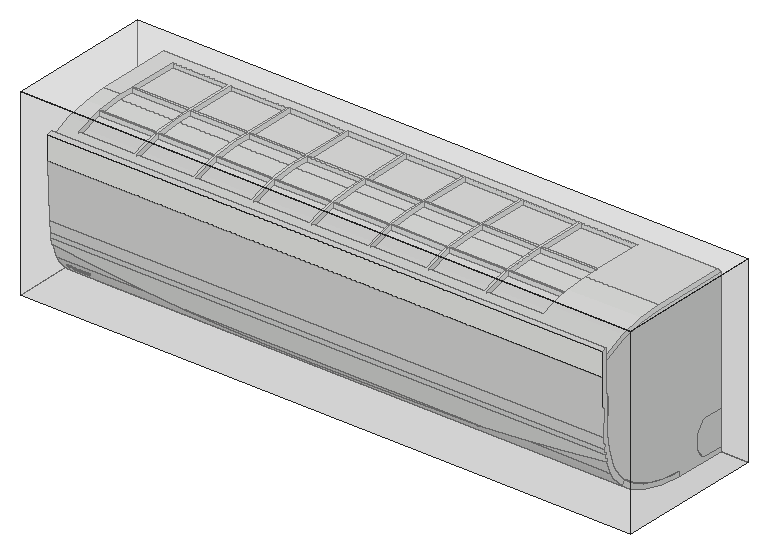
Revit family "outputfile", category 機械設備, Revit 2024
Family settings
  丸型コネクタ寸法 = 半径を使用
  パーツ タイプ = 標準
  OmniClass 番号 = 23.75.10.24.21.27.27
  OmniClass タイトル = Split System Air Conditioning Units
  作業面ベース = いいえ
  常に垂直 = はい
  ロード時にボイドで切り取り = いいえ
  注釈の向きを維持 = いいえ
  共有 = いいえ
  部屋計算ポイント = いいえ
Parameters (values of type "CTXM50RVMA")
  Description = ""
  書き出し IFC クラス(タイプ) = "IfcUnitaryEquipmentType"
  定義済み IFC タイプ(タイプ) = "AIRCONDITIONINGUNIT"
  Cost = 0
  Type Comments = ""
  Keynote = ""
  Type Image = (empty or 0)
  Assembly Code = ""
  w_wall hole = if(Width = 770.0 mm, 48.0 mm, if(Width = 990.0 mm, 60.0 mm, 89.0 mm))  # 60.0 mm
  製造元 = "Daikin"
  モデル = "CTXM50RVMA"
  switch_frequency = yes
  r_Liquid Pipe Size = Liquid Pipe Size / 2  # 3.2 mm
  r_Gas Pipe Size = Gas Pipe Size / 2  # 6.35 mm
  r_Drain Pipe Size = Drain Pipe Size / 2  # 8.0 mm
  lw_powersupply [instance] = if(Width = 770.0 mm, if(or(Rear Right Connection_refrigerant, Bottom Right Connection_refrigerant), 25.0 mm, if(or(Rear Left Connection_refrigerant, Bottom Left Connection_refrigerant), 745.0 mm, 400.0 mm)), if(Width = 990.0 mm, if(or(Rear Right Connection_refrigerant, Bottom Right Connection_refrigerant), 40.0 mm, if(or(Rear Left Connection_refrigerant, Bottom Left Connection_refrigerant), 920.0 mm, 400.0 mm)), if(Width = 1200.0 mm, if(or(Rear Right Connection_refrigerant, Bottom Right Connection_refrigerant), 89.0 mm - 19.0 mm, if(or(Rear Left Connection_refrigerant, Bottom Left Connection_refrigerant), 675.0 mm + (990.0 mm - 770.0 mm) + 145.0 mm + 22.0 mm + 89.0 mm, 400.0 mm)), if(or(Rear Right Connection_refrigerant, Bottom Right Connection_refrigerant), 89.0 mm - 19.0 mm, if(or(Rear Left Connection_refrigerant, Bottom Left Connection_refrigerant), 675.0 mm + (990.0 mm - 770.0 mm) + 145.0 mm + 22.0 mm + 89.0 mm, 400.0 mm)))))  # 400.0 mm
  lw_liquidpipe [instance] = if(Width = 770.0 mm, if(or(Rear Right Connection_refrigerant, Bottom Right Connection_refrigerant), 0.0 mm, if(or(Rear Left Connection_refrigerant, Bottom Left Connection_refrigerant), 664.0 mm, 385.0 mm)), if(Width = 990.0 mm, if(or(Rear Right Connection_refrigerant, Bottom Right Connection_refrigerant), 0.0 mm, if(or(Rear Left Connection_refrigerant, Bottom Left Connection_refrigerant), 664.0 mm + (990.0 mm - 770.0 mm), 475.0 mm)), if(Width = 1200.0 mm, if(or(Rear Right Connection_refrigerant, Bottom Right Connection_refrigerant), 0.0 mm, if(or(Rear Left Connection_refrigerant, Bottom Left Connection_refrigerant), 664.0 mm + (990.0 mm - 770.0 mm) + 145.0 mm, 460.0 mm)), if(or(Rear Right Connection_refrigerant, Bottom Right Connection_refrigerant), 0.0 mm, if(or(Rear Left Connection_refrigerant, Bottom Left Connection_refrigerant), 664.0 mm + (990.0 mm - 770.0 mm) + 145.0 mm, 460.0 mm)))))  # 475.0 mm
  lw_gaspipe [instance] = if(Width = 770.0 mm, if(or(Rear Right Connection_refrigerant, Bottom Right Connection_refrigerant), 0.0 mm, if(or(Rear Left Connection_refrigerant, Bottom Left Connection_refrigerant), 675.0 mm, if(Gas Pipe Size = 12.7 mm, 345.0 mm, 335.0 mm))), if(Width = 990.0 mm, if(or(Rear Right Connection_refrigerant, Bottom Right Connection_refrigerant), 10.0 mm, if(or(Rear Left Connection_refrigerant, Bottom Left Connection_refrigerant), 890.0 mm, if(Gas Pipe Size = 15.9 mm, 410.0 mm, 400.0 mm))), if(Width = 1200.0 mm, if(or(Rear Right Connection_refrigerant, Bottom Right Connection_refrigerant), 10.0 mm, if(or(Rear Left Connection_refrigerant, Bottom Left Connection_refrigerant), 675.0 mm + (990.0 mm - 770.0 mm) + 145.0 mm, 400.0 mm)), if(or(Rear Right Connection_refrigerant, Bottom Right Connection_refrigerant), 10.0 mm, if(or(Rear Left Connection_refrigerant, Bottom Left Connection_refrigerant), 675.0 mm + (990.0 mm - 770.0 mm) + 145.0 mm, 400.0 mm)))))  # 400.0 mm
  lw_drainpipe [instance] = if(Width = 770.0 mm, if(or(Rear Right Connection_refrigerant, Bottom Right Connection_refrigerant), 0.0 mm, if(or(Rear Left Connection_refrigerant, Bottom Left Connection_refrigerant), 770.0 mm - 48.0 mm - 48.0 mm, 440.0 mm)), if(Width = 990.0 mm, if(or(Rear Right Connection_refrigerant, Bottom Right Connection_refrigerant), 0.0 mm, if(or(Rear Left Connection_refrigerant, Bottom Left Connection_refrigerant), 675.0 mm + (990.0 mm - 770.0 mm), 435.0 mm)), if(Width = 1200.0 mm, if(or(Rear Right Connection_refrigerant, Bottom Right Connection_refrigerant), 0.0 mm, if(or(Rear Left Connection_refrigerant, Bottom Left Connection_refrigerant), 675.0 mm + (990.0 mm - 770.0 mm) + 145.0 mm, 465.0 mm)), if(or(Rear Right Connection_refrigerant, Bottom Right Connection_refrigerant), 0.0 mm, if(or(Rear Left Connection_refrigerant, Bottom Left Connection_refrigerant), 675.0 mm + (990.0 mm - 770.0 mm) + 145.0 mm, 465.0 mm)))))  # 435.0 mm
  l_powersupply_length [instance] = if(Width = 770.0 mm, if(Right Connection_refrigerant, 400.0 mm, if(Left Connection_refrigerant, 770.0 mm - 400.0 mm, if(or(Rear Left Connection_refrigerant, Rear Right Connection_refrigerant), 15.0 mm, 50.0 mm))), if(Width = 990.0 mm, if(Right Connection_refrigerant, 400.0 mm, if(Left Connection_refrigerant, 990.0 mm - 400.0 mm, if(or(Rear Left Connection_refrigerant, Rear Right Connection_refrigerant), 15.0 mm, 50.0 mm))), if(Width = 1200.0 mm, if(Right Connection_refrigerant, 400.0 mm, if(Left Connection_refrigerant, 1200.0 mm - 400.0 mm, if(or(Rear Left Connection_refrigerant, Rear Right Connection_refrigerant), 15.0 mm, 50.0 mm))), if(Right Connection_refrigerant, 400.0 mm, if(Left Connection_refrigerant, 1200.0 mm - 400.0 mm, if(or(Rear Left Connection_refrigerant, Rear Right Connection_refrigerant), 15.0 mm, 50.0 mm))))))  # 400.0 mm
  l_liquidpipe_length [instance] = if(Width = 770.0 mm, if(Right Connection_refrigerant, 433.0 mm, if(Left Connection_refrigerant, 337.0 mm, if(or(Rear Left Connection_refrigerant, Rear Right Connection_refrigerant), 30.0 mm, 40.0 mm))), if(Width = 990.0 mm, if(Right Connection_refrigerant, 535.0 mm, if(Left Connection_refrigerant, 455.0 mm, if(or(Rear Left Connection_refrigerant, Rear Right Connection_refrigerant), 30.0 mm, 40.0 mm))), if(Width = 1200.0 mm, if(Right Connection_refrigerant, 549.0 mm, if(Left Connection_refrigerant, 1200.0 mm - 549.0 mm, if(or(Rear Left Connection_refrigerant, Rear Right Connection_refrigerant), 30.0 mm, 40.0 mm))), if(Right Connection_refrigerant, 549.0 mm, if(Left Connection_refrigerant, 1200.0 mm - 549.0 mm, if(or(Rear Left Connection_refrigerant, Rear Right Connection_refrigerant), 30.0 mm, 40.0 mm))))))  # 535.0 mm
  l_gaspipe_length [instance] = if(Width = 770.0 mm, if(Right Connection_refrigerant, if(Gas Pipe Size = 12.7 mm, 393.0 mm, 383.0 mm), if(Left Connection_refrigerant, if(Gas Pipe Size = 12.7 mm, 770.0 mm - 393.0 mm, 770.0 mm - 383.0 mm), if(or(Rear Left Connection_refrigerant, Rear Right Connection_refrigerant), 40.0 mm, 50.0 mm))), if(Width = 990.0 mm, if(Right Connection_refrigerant, if(Gas Pipe Size = 15.9 mm, 470.0 mm, 460.0 mm), if(Left Connection_refrigerant, if(Gas Pipe Size = 15.9 mm, 990.0 mm - 470.0 mm, 990.0 mm - 460.0 mm), if(or(Rear Left Connection_refrigerant, Rear Right Connection_refrigerant), 40.0 mm, 50.0 mm))), if(Width = 1200.0 mm, if(Right Connection_refrigerant, 489.0 mm, if(Left Connection_refrigerant, 1200.0 mm - 489.0 mm, if(or(Rear Left Connection_refrigerant, Rear Right Connection_refrigerant), 40.0 mm, 50.0 mm))), if(Right Connection_refrigerant, 489.0 mm, if(Left Connection_refrigerant, 1200.0 mm - 489.0 mm, if(or(Rear Left Connection_refrigerant, Rear Right Connection_refrigerant), 40.0 mm, 50.0 mm))))))  # 460.0 mm
  l_drainpipe_length [instance] = if(Width = 770.0 mm, if(Right Connection_refrigerant, 488.0 mm, if(Left Connection_refrigerant, 282.0 mm, if(or(Rear Left Connection_refrigerant, Rear Right Connection_refrigerant), 15.0 mm, 20.0 mm))), if(Width = 990.0 mm, if(Right Connection_refrigerant, 495.0 mm, if(Left Connection_refrigerant, 495.0 mm, if(or(Rear Left Connection_refrigerant, Rear Right Connection_refrigerant), 15.0 mm, 20.0 mm))), if(Width = 1200.0 mm, if(Right Connection_refrigerant, 554.0 mm, if(Left Connection_refrigerant, 1200.0 mm - 554.0 mm, if(or(Rear Left Connection_refrigerant, Rear Right Connection_refrigerant), 15.0 mm, 20.0 mm))), if(Right Connection_refrigerant, 554.0 mm, if(Left Connection_refrigerant, 1200.0 mm - 554.0 mm, if(or(Rear Left Connection_refrigerant, Rear Right Connection_refrigerant), 15.0 mm, 20.0 mm))))))  # 495.0 mm
  h*** = 0.0 mm  # constant formula
  connector_voltage = Voltage_50Hz  # 230 V
  connector_powerinput = if([Power Input (Cooling)] > [Power Input (Heating)], [Power Input (Cooling)], [Power Input (Heating)])  # 0.000 kW
  connector_phase = Phase_50Hz  # 1
  angle_vertical [instance] = if(or(Bottom Left Connection_refrigerant, Bottom Right Connection_refrigerant), 0.00°, 90.00°)  # 90.00°
  angle_horizontal [instance] = if(Right Connection_refrigerant, 90.00°, if(Left Connection_refrigerant, -90.00°, if(or(Rear Left Connection_refrigerant, Rear Right Connection_refrigerant), 180.00°, 0.00°)))  # 90.00°
  Width = 990.0 mm
  Voltage_comment_50Hz = "220 - 240"
  Voltage_50Hz = 230 V
  Version = "ver.1.0"
  Unit Type = "Wall Mounted"
  Unit Mass Weight = 13.00 kg
  Unit Designation [instance] = ""
  Uniclass2015Version = "Products v1.30"
  Uniclass2015Title = "Split coil room air conditioning units"
  Uniclass2015Code = "Pr_70_65_03_86"
  URL = ""
  Total Heating Capacity [instance] = 0.000 kW
  Total Cooling Capacity [instance] = 0.000 kW
  Sound Pressure Level_M speed (dBA) = 40
  Sound Pressure Level_L speed (dBA) = 35
  Sound Pressure Level_H speed (dBA) = 45
  Sound Power Level_H speed (dB) = 0
  Series = "Multi Split_Fan Coil Unit"
  Sensible Cooling Capacity [instance] = 0.000 kW
  Refrigerant Type = "R32"
  Power Input (Heating) = 0.000 kW
  Power Input (Cooling) = 0.000 kW
  Phase_50Hz = 1
  Option Accessory 3 [instance] = ""
  Option Accessory 2 [instance] = ""
  Option Accessory 1 [instance] = ""
  Nominal Heating Capacity = 6.100 kW
  Nominal Cooling Capacity = 5.000 kW
  Minimum Circuit Amps_50Hz = 0.0 A
  Minimum Airflow = 702.00 m³/h
  Median Airflow = 852.00 m³/h
  Maximum Fuse Amps_50Hz = 0.0 A
  Maximum Airflow = 1010.00 m³/h
  Material_Casing = DAIKIN_White_Casing_indoorunit
  Load Classification = HVAC
  Liquid Pipe Size = 6.4 mm
  Link_Nested Family [instance] = ""
  IfcVersion = ""
  IfcExportType = "AIRCONDITIONINGUNIT"
  IfcExportAs = "IfcUnitaryEquipmentType"
  Height = 295.0 mm
  Heating Entering Wet Bulb Temperature [instance] = 0.00 °C
  Heating Entering Dry Bulb Temperature [instance] = 0.00 °C
  Heating Ambient Wet Bulb Temperature [instance] = 0.00 °C
  Heating Ambient Dry Bulb Temperature [instance] = 0.00 °C
  Heat Exchanger Type = "Cross Fin Coil"
  Gas Pipe Size = 12.7 mm
  Frequency_50Hz = 50 Hz
  Fan Type = "Cross Flow Fan"
  Fan Drive = "Direct Drive"
  FCU Tag No. [instance] = ""
  Drain Pipe Size = 16.0 mm
  Design Supply Airflow [instance] = 0.00 m³/h
  Depth = 263.0 mm
  既定の高さ = 0.0 mm
  Cooling Entering Wet Bulb Temperature [instance] = 0.00 °C
  Cooling Entering Dry Bulb Temperature [instance] = 0.00 °C
  Cooling Ambient Wet Bulb Temperature [instance] = 0.00 °C
  Cooling Ambient Dry Bulb Temperature [instance] = 0.00 °C
  Clearance visibility [instance] = yes
  Clearance Top = 30.0 mm
  Clearance Right = 50.0 mm
  Clearance Rear = 0.0 mm
  Clearance Left = 50.0 mm
  Clearance Front = 0.0 mm
  Clearance Bottom = 0.0 mm
  Bottom Right Connection_refrigerant [instance] = no
  Bottom Left Connection_refrigerant [instance] = no
  Rear Right Connection_refrigerant [instance] = no
  Rear Left Connection_refrigerant [instance] = no
  Right Connection_refrigerant [instance] = yes
  Left Connection_refrigerant [instance] = no
Reference planes
  plane 1 "Back": y = 0
  plane 2: z = 0
  plane 3 "Center (Left/Right)": x = 0
  plane 4 "Center (Front/Back)": y = -131.5
  plane 5 "Front": y = -263
  plane 6 "Left": x = -495
  plane 7 "Right": x = 495
  plane 8 "Top": z = 0
  plane 9 "Bottom": z = -295
  plane 10: x = -545
  plane 11: x = 545
  plane 12: y = 0
  plane 13: y = -263
  plane 14: z = 30
  plane 15: z = -295
  plane 16 "lw_Piping and Wiring intake": x = 435
  plane 17 "lw_gaspipe": x = 35
  plane 18 "lw_liquidpipe": x = -40
  plane 19 "lw_drainpipe": x = 0
  plane 20 "lh_drainpipe": z = -275
  plane 21 "lh_liquidpipe": z = -255
  plane 22 "lh_gaspipe": z = -245
  plane 23 "ld_drainpipe": y = -15
  plane 24 "ld_liquidpipe": y = -30
  plane 25 "ld_gaspipe": y = -40
  plane 26 "lw_powersupply": x = 95
Dimensions and locks
  equal spacing: plane 6 "Left", plane 3 "Center (Left/Right)", plane 7 "Right"
  "Width": plane 6 "Left" to plane 7 "Right"
  equal spacing: plane 5 "Front", plane 4 "Center (Front/Back)", plane 1 "Back"
  "Depth": plane 5 "Front" to plane 1 "Back"
  "Height": plane 8 "Top" to plane 9 "Bottom"
  "Clearance Rear": plane 12 to plane 1 "Back"
  "Clearance Front": plane 13 to plane 5 "Front"
  "Clearance Top": plane 14 to plane 8 "Top"
  "Clearance Bottom": plane 9 "Bottom" to plane 15
  "w_wall hole": plane 16 "lw_Piping and Wiring intake" to plane 7 "Right"
  "lw_gaspipe": plane 17 "lw_gaspipe" to plane 16 "lw_Piping and Wiring intake"
  "lw_liquidpipe": plane 18 "lw_liquidpipe" to plane 16 "lw_Piping and Wiring intake"
  "lw_drainpipe": plane 19 "lw_drainpipe" to plane 16 "lw_Piping and Wiring intake"
  locked: plane 20 "lh_drainpipe" to plane 9 "Bottom" at 20
  locked: plane 21 "lh_liquidpipe" to plane 9 "Bottom" at 40
  locked: plane 22 "lh_gaspipe" to plane 9 "Bottom" at 50
  locked: plane 23 "ld_drainpipe" to plane 1 "Back" at 15
  locked: plane 1 "Back" to plane 24 "ld_liquidpipe" at 30
  locked: plane 1 "Back" to plane 25 "ld_gaspipe" at 40
  "lw_powersupply": plane 26 "lw_powersupply" to plane 7 "Right"
  "Clearance Right": plane 7 "Right" to plane 11
  "Clearance Left": plane 10 to plane 6 "Left"
  aligned and locked: level to plane 2
  aligned and locked: plane 12 to nested 1
  aligned and locked: nested 1 to plane 13
  aligned and locked: plane 10 to nested 1
  aligned and locked: plane 11 to nested 1
  aligned and locked: plane 15 to nested 1
  aligned and locked: plane 14 to nested 1
  aligned and locked: plane 17 "lw_gaspipe" to nested 2
  aligned and locked: nested 2 to plane 25 "ld_gaspipe"
  aligned and locked: plane 18 "lw_liquidpipe" to nested 3
  aligned and locked: nested 3 to plane 24 "ld_liquidpipe"
  aligned and locked: plane 19 "lw_drainpipe" to nested 4
  aligned and locked: nested 4 to plane 23 "ld_drainpipe"
  aligned and locked: nested 5 to plane 23 "ld_drainpipe"
  aligned and locked: plane 26 "lw_powersupply" to nested 5
  aligned and locked: level to plane 8 "Top"
  aligned and locked: plane 3 "Center (Left/Right)" to nested 6
  aligned and locked: plane 1 "Back" to nested 6
  aligned and locked: plane 8 "Top" to nested 6
Nested families
  nested 1: "daikin_clearancespace" at (0, -131.5, -132.381), show <- "Clearance visibility", visible <- "Clearance visibility", Link_Nested Family <- "Link_Nested Family", type "daikin_clearancespace"
    with width 1090.0 mm, show yes, height 325.0 mm, depth 263.0 mm, Link_Nested Family ""
  nested 2: "daikin_connector_rotate3" at (35, -40, -245), angle_vertical <- "angle_vertical", angle_horizontal <- "angle_horizontal", length <- "l_gaspipe_length", radius <- "r_Gas Pipe Size", type "daikin_connector_rotate3"
    with show no, radius 6.35 mm, length 460.0 mm, angle_vertical 90.00°, angle_horizontal 90.00°
  nested 3: "daikin_connector_rotate3" at (-40, -30, -255), angle_vertical <- "angle_vertical", angle_horizontal <- "angle_horizontal", radius <- "r_Liquid Pipe Size", length <- "l_liquidpipe_length", type "daikin_connector_rotate3"
    with show no, radius 3.2 mm, length 535.0 mm, angle_vertical 90.00°, angle_horizontal 90.00°
  nested 4: "daikin_connector_rotate3" at (0, -15, -275), angle_vertical <- "angle_vertical", angle_horizontal <- "angle_horizontal", length <- "l_drainpipe_length", radius <- "r_Drain Pipe Size", type "daikin_connector_rotate3"
    with show no, radius 8.0 mm, length 495.0 mm, angle_vertical 90.00°, angle_horizontal 90.00°
  nested 5: "daikin_connector_rotate3" at (95, -15, -245), angle_vertical <- "angle_vertical", angle_horizontal <- "angle_horizontal", length <- "l_powersupply_length", type "daikin_connector_rotate3"
    with show no, radius 10.0 mm, length 400.0 mm, angle_vertical 90.00°, angle_horizontal 90.00°
  nested 6: "DAIKIN_indoorunit_CTXM-RVMA" at (-31, 0, 0), type "CTXM-RVMA"
    with switch_unit1_50-71 yes, switch_unit1_20-46 no, Width 990.0 mm, WALL HOLE-R 60.0 mm, WALL HOLE Size 80.0 mm, Height 295.0 mm
Connectors
  piping at (495, -40, -245), diameter 12.7, driven by "r_Gas Pipe Size"
    settings: on nested 2, index 1, connector inside diameter 609.6 mm, connector length 0.0 mm, flow factor 0, pipe flow 0.00 m³/h, pressure drop 0.0 Pa, fitting loss kfactor 0, connector angle 0.00°, fixture units 0, engagement length 0.0 mm, angle of deflection 0.00°, flow configuration 1, flow direction 2, fitting loss method 0, system type 29, joint type 0, gender type 0, connector reference index -1, connector utility 0, adjustable connector no, is connector primary yes, connector description "Refrigerant Gas Piping"
  piping at (495, -30, -255), diameter 6.4, driven by "r_Liquid Pipe Size"
    settings: on nested 3, index 2, connector inside diameter 609.6 mm, connector length 0.0 mm, flow factor 0, pipe flow 0.00 m³/h, pressure drop 0.0 Pa, fitting loss kfactor 0, connector angle 0.00°, fixture units 0, engagement length 0.0 mm, angle of deflection 0.00°, flow configuration 1, flow direction 1, fitting loss method 0, system type 29, joint type 0, gender type 0, connector reference index -1, connector utility 0, adjustable connector no, is connector primary no, connector description "Refrigerant Liquid Piping"
  piping at (495, -15, -275), diameter 16, driven by "r_Drain Pipe Size"
    settings: on nested 4, index 3, connector inside diameter 609.6 mm, connector length 0.0 mm, flow factor 0, pipe flow 0.00 m³/h, pressure drop 0.0 Pa, fitting loss kfactor 0, connector angle 0.00°, fixture units 0, engagement length 0.0 mm, angle of deflection 0.00°, flow configuration 1, flow direction 2, fitting loss method 4, system type 16, joint type 0, gender type 0, connector reference index -1, connector utility 0, adjustable connector no, is connector primary no, connector description "Condensate Drain Piping"
  electrical at (495, -15, -245), driven by "Load Classification", driven by "connector_voltage", driven by "connector_phase", driven by "connector_powerinput"
    settings: on nested 5, index 4, voltage 230 V, apparent load 0 VA, apparent load phase1 0 VA, apparent load phase2 0 VA, apparent load phase3 0 VA, power factor 1, load classification "HVAC", number of poles 1, system type 30, power factor state 1, is connector primary yes, connector utility no, sub classification motor no, connector description "Power Supply"
Definition of nested family "daikin_clearancespace"
  Parameters (values of type "daikin_clearancespace")
    Description = "daikin_clearancespace"
    width [instance] = 1823.963 mm
    show [instance] = yes
    material = none
    height [instance] = 1359.762 mm
    depth [instance] = 880.0 mm
    Default Elevation = 0.0 mm
    Link_Nested Family [instance] = ""
  Reference planes
    plane 1 "Center (Front/Back)": y = 0
    plane 2 "Center (Elevation)": z = -0.119
    plane 3 "Center (Left/Right)": x = 0
    plane 4: y = 440
    plane 5: y = -440
    plane 6 "Right": x = 911.982
    plane 7 "Left": x = -911.982
    plane 8 "Top": z = 679.762
    plane 9 "Bottom": z = -680
  Forms (mm)
    Extrusion 1, solid, material <- "material", visible <- "show"
      sketch origin (0, 0, 0) x (1, 0, 0) y (0, 1, 0)
        loop
          line (-911.982, 440) -> (-911.982, -440) -> (911.982, -440) -> (911.982, 440) -> (-911.982, 440)
      from -680 to 679.762
  Lines and regions (mm)
    symbolic lines, visible <- "show"
      curve 1: line (911.982, 440, 0) -> (-911.982, 440, 0)
      curve 2: line (-911.982, 440, 0) -> (-911.982, -440, 0)
      curve 3: line (-911.982, -440, 0) -> (911.982, -440, 0)
      curve 4: line (911.982, -440, 0) -> (911.982, 440, 0)
      curve 5: line (911.982, 0, 679.762) -> (-911.982, 0, 679.762)
      curve 6: line (911.982, 0, -680) -> (911.982, 0, 679.762)
      curve 7: line (-911.982, 0, -680) -> (911.982, 0, -680)
      curve 8: line (-911.982, 0, 679.762) -> (-911.982, 0, -680)
      curve 9: line (0, 440, 679.762) -> (0, -440, 679.762)
      curve 10: line (0, -440, 679.762) -> (0, -440, -680)
      curve 11: line (0, 440, -680) -> (0, 440, 679.762)
      curve 12: line (0, -440, -680) -> (0, 440, -680)
  Dimensions and locks
    "width": plane 7 "Left" to plane 6 "Right"
    "depth": plane 4 to plane 5
    "height": plane 8 "Top" to plane 9 "Bottom"
    equal spacing: plane 7 "Left", plane 3 "Center (Left/Right)", plane 6 "Right"
    equal spacing: plane 4, plane 1 "Center (Front/Back)", plane 5
    equal spacing: plane 8 "Top", plane 2 "Center (Elevation)", plane 9 "Bottom"
    aligned and locked: level to plane 2 "Center (Elevation)"
    aligned and locked: Extrusion 1 sketch curve to plane 4
    aligned and locked: plane 7 "Left" to Extrusion 1 sketch curve
    aligned and locked: Extrusion 1 sketch curve to plane 5
    aligned and locked: Extrusion 1 sketch curve to plane 6 "Right"
    aligned and locked: plane 8 "Top" to Extrusion 1
    aligned and locked: curve 1 to Extrusion 1
    aligned and locked: curve 2 to Extrusion 1
    aligned and locked: curve 3 to Extrusion 1
    aligned and locked: curve 4 to Extrusion 1
    aligned and locked: curve 5 to Extrusion 1
    aligned and locked: curve 6 to Extrusion 1
    aligned and locked: curve 7 to Extrusion 1
    aligned and locked: curve 8 to Extrusion 1
    aligned and locked: curve 9 to Extrusion 1
    aligned and locked: curve 10 to Extrusion 1
    aligned and locked: curve 11 to Extrusion 1
    aligned and locked: curve 12 to Extrusion 1
    aligned and locked: Extrusion 1 to plane 9 "Bottom"
Definition of nested family "DAIKIN_indoorunit_CTXM-RVMA"
  Parameters (values of type "CTXM-RVMA")
    switch_unit1_85-95 = Width = 1200.0 mm  # no
    switch_unit1_50-71 = Width = 990.0 mm  # no
    switch_unit1_20-46 = Width = 770.0 mm  # yes
    Width = 770.0 mm
    WALL HOLE_L = if(Width = 1200.0 mm, 65.0 mm, 48.0 mm)  # 48.0 mm
    WALL HOLE_H = if(Width = 1200.0 mm, 45.0 mm, 44.5 mm)  # 44.5 mm
    WALL HOLE-R = if(Width = 770.0 mm, 48.0 mm, if(Width = 990.0 mm, 60.0 mm, 89.0 mm))  # 48.0 mm
    WALL HOLE Size = if(Width = 770.0 mm, 65.0 mm, 80.0 mm)  # 65.0 mm
    Material_Casing = none
    Height = if(Width = 770.0 mm, 285.0 mm, if(Width = 990.0 mm, 295.0 mm, 340.0 mm))  # 285.0 mm
    Default Elevation = 0.0 mm
  Reference planes
    plane 1 "Center (Front/Back)": y = 0
    plane 2 "reference_level": z = 0
    plane 3 "Center (Left/Right)": x = 31
    plane 4: x = -354
    plane 5: x = 416
    plane 6: z = -285
  Forms (mm)
    Extrusion 1, solid, material <- "Material_Casing", visible <- "switch_unit1_20-46"
      sketch origin (29, 0, 0) x (0, 1, 0) y (0, 0, 1)
        loop
          line (-5, 0) -> (-98, 0)
          arc (-98, 0) -> (-157.611, -7.211) -> (-213.783, -28.427) r 250
          arc (-213.783, -28.427) -> (-213.842, -32.972) -> (-213.892, -37.516) r 2191
          arc (-213.892, -37.516) -> (-157.832, -15.495) -> (-98.07, -8) r 242
          line (-98.07, -8) -> (0, -8) -> (-5, 0)
      from -383 to 387
    Extrusion 2, solid, material <- "Material_Casing", visible <- "switch_unit1_20-46"
      sketch origin (416, 1296.25, 1200) x (0, 1, 0) y (0, 0, 1)
        loop
          line (-1472.998, -1446.91) -> (-1476.998, -1453.839)
          arc (-1476.998, -1453.839) -> (-1437.481, -1472.422) -> (-1395.25, -1483.538) r 240
          line (-1395.25, -1483.538) -> (-1395.25, -1475.422)
          arc (-1395.25, -1475.422) -> (-1435.407, -1464.663) -> (-1472.998, -1446.91) r 232
      from 0 to -47.5
    Extrusion 3, solid, material <- "Material_Casing", visible <- "switch_unit1_20-46"
      sketch origin (29, 0, 0) x (0, 1, 0) y (0, 0, 1)
        loop
          arc (-223, -60.455) -> (-222.414, -110.646) -> (-220.656, -160.81) r 2149.92
          arc (-220.656, -160.81) -> (-219.65, -174.299) -> (-217.853, -187.706) r 229.911
          arc (-217.853, -187.706) -> (-205.371, -223.594) -> (-181.517, -253.17) r 111
          line (-181.517, -253.17) -> (-177.429, -246.093)
          arc (-177.429, -246.093) -> (-198.77, -218.989) -> (-209.965, -186.36) r 103
          arc (-209.965, -186.36) -> (-211.681, -173.586) -> (-212.651, -160.735) r 221.844
          arc (-212.651, -160.735) -> (-214.739, -93.233) -> (-214.74, -25.699) r 2186.828
          arc (-214.74, -25.699) -> (-214.671, -21.467) -> (-214.594, -17.235) r 2192
          line (-214.594, -17.235) -> (-223, -19.961) -> (-223, -60.455)
      from -383 to 387
    Extrusion 4, solid, material <- "Material_Casing", visible <- "switch_unit1_20-46"
      sketch origin (29, 0, 0) x (0, 1, 0) y (0, 0, 1)
        loop
          line (-181.517, -253.17) -> (-179.597, -249.846)
          arc (-179.597, -249.846) -> (-202.009, -221.399) -> (-213.189, -186.952) r 103
          line (-213.189, -186.952) -> (-217.853, -187.706)
          arc (-217.853, -187.706) -> (-217.533, -189.556) -> (-217.182, -191.4) r 111
          arc (-217.182, -191.4) -> (-213.806, -208.181) -> (-210.362, -224.948) r 4257.809
          arc (-210.362, -224.948) -> (-198.886, -237.857) -> (-186.225, -249.607) r 180
          line (-186.225, -249.607) -> (-181.517, -253.17)
      from -383 to 387
    Extrusion 5, solid, material <- "Material_Casing", visible <- "switch_unit1_20-46"
      sketch origin (29, 0, -20) x (0, 1, 0) y (0, 0, 1)
        loop
          line (0, -265) -> (0, 12) -> (-98.07, 12)
          arc (-98.07, 12) -> (-157.832, 4.505) -> (-213.892, -17.516) r 242
          arc (-213.892, -17.516) -> (-213.638, -79.114) -> (-211.653, -140.681) r 2191
          arc (-211.653, -140.681) -> (-210.685, -153.501) -> (-208.973, -166.243) r 221
          arc (-208.973, -166.243) -> (-197.471, -199.282) -> (-175.482, -226.491) r 102
          arc (-175.482, -226.491) -> (-138.004, -244.019) -> (-98, -254.579) r 231
          line (-98, -254.579) -> (-98, -265) -> (0, -265)
      from -383 to 387
    Extrusion 6, solid, material <- "Material_Casing", visible <- "switch_unit1_20-46"
      sketch origin (-354, 1296.25, 1200) x (0, 1, 0) y (0, 0, 1)
        loop
          line (-1472.998, -1446.91) -> (-1476.998, -1453.839)
          arc (-1476.998, -1453.839) -> (-1437.481, -1472.422) -> (-1395.25, -1483.538) r 240
          line (-1395.25, -1483.538) -> (-1395.25, -1475.422)
          arc (-1395.25, -1475.422) -> (-1435.407, -1464.663) -> (-1472.998, -1446.91) r 232
      from 47 to 0
    Extrusion 7, solid, material <- "Material_Casing", visible <- "switch_unit1_20-46"
      sketch origin (416, 1296.25, 1200) x (0, 1, 0) y (0, 0, 1)
        loop
          line (-1472.998, -1446.91) -> (-1476.998, -1453.839)
          arc (-1476.998, -1453.839) -> (-1443.437, -1470.168) -> (-1407.75, -1481.097) r 240
          line (-1407.75, -1481.097) -> (-1407.75, -1472.894)
          arc (-1407.75, -1472.894) -> (-1441.363, -1462.385) -> (-1472.998, -1446.91) r 232
      from -116.993 to -48.493
    Extrusion 8, solid, material <- "Material_Casing", visible <- "switch_unit1_20-46"
      sketch origin (416, 1296.25, 1200) x (0, 1, 0) y (0, 0, 1)
        loop
          line (-1472.998, -1446.91) -> (-1476.998, -1453.839)
          arc (-1476.998, -1453.839) -> (-1443.437, -1470.168) -> (-1407.75, -1481.097) r 240
          line (-1407.75, -1481.097) -> (-1407.75, -1472.894)
          arc (-1407.75, -1472.894) -> (-1441.363, -1462.385) -> (-1472.998, -1446.91) r 232
      from -717 to -121.993
    Extrusion 9, void
      sketch origin (31, 0, -235) x (1, 0, 0) y (0, 1, 0)
        loop
          line (-252.674, -22.316) -> (-354.941, -22.316) -> (-354.941, -91.341) -> (-252.674, -91.341) -> (-252.674, -22.316)
        loop
          line (-249.341, -91.341) -> (-151.574, -91.341) -> (-151.574, -22.316) -> (-249.341, -22.316) -> (-249.341, -91.341)
        loop
          line (58.309, -22.316) -> (-148.309, -22.316) -> (-148.309, -91.341) -> (58.309, -91.341) -> (58.309, -22.316)
        loop
          line (61.689, -22.316) -> (61.689, -91.341) -> (159.457, -91.341) -> (159.457, -22.316) -> (61.689, -22.316)
        loop
          line (162.789, -22.316) -> (162.789, -91.341) -> (265.057, -91.341) -> (265.057, -22.316) -> (162.789, -22.316)
        loop
          line (-354.941, -94.659) -> (-354.941, -165.259) -> (-252.674, -165.259) -> (-252.674, -94.659) -> (-354.941, -94.659)
        loop
          line (-249.341, -94.659) -> (-249.341, -165.259) -> (-151.574, -165.259) -> (-151.574, -94.659) -> (-249.341, -94.659)
        loop
          line (-148.309, -94.659) -> (-148.309, -165.259) -> (58.309, -165.259) -> (58.309, -94.659) -> (-148.309, -94.659)
        loop
          line (61.689, -94.659) -> (61.689, -165.259) -> (159.457, -165.259) -> (159.457, -94.659) -> (61.689, -94.659)
        loop
          line (162.789, -94.659) -> (162.789, -165.259) -> (265.057, -165.259) -> (265.057, -94.659) -> (162.789, -94.659)
        loop
          line (-354.941, -167.382) -> (-354.941, -192.681) -> (-252.674, -192.681) -> (-252.674, -167.382) -> (-354.941, -167.382)
        loop
          line (-249.341, -167.382) -> (-249.341, -192.681) -> (-151.574, -192.681) -> (-151.574, -167.382) -> (-249.341, -167.382)
        loop
          line (-148.309, -167.382) -> (-148.309, -192.681) -> (58.309, -192.681) -> (58.309, -167.382) -> (-148.309, -167.382)
        loop
          line (159.457, -167.382) -> (61.689, -167.382) -> (61.689, -192.681) -> (159.457, -192.681) -> (159.457, -167.382)
        loop
          line (265.057, -167.382) -> (162.789, -167.382) -> (162.789, -192.681) -> (265.057, -192.681) -> (265.057, -167.382)
      from 201.638 to 250
    Extrusion 10, void
      sketch origin (31, 0, 0) x (1, 0, 0) y (0, 0, 1)
        loop
          arc (597, -174.907) -> (0.056, -245.263) -> (-597, -175.856) r 2585.042
          line (-597, -175.856) -> (-597, -352.872) -> (597, -352.872) -> (597, -174.907)
      from 173 to 315.3
    Extrusion 11, solid, material <- "Material_Casing"
      sketch origin (31, 0, 0) x (1, 0, 0) y (0, 0, 1)
        loop
          circle (337, -240.5) r 32.5
        loop
          circle (-337, -240.5) r 32.5
      from 0 to 5
    Extrusion 12, solid, material <- "Material_Casing", visible <- "switch_unit1_20-46"
      sketch origin (416, 1296.25, 1200) x (0, -1, 0) y (0, 0, 1)
        loop
          line (1326.25, -1417) -> (1296.25, -1417) -> (1296.25, -1477) -> (1326.25, -1477)
          arc (1326.25, -1477) -> (1340.393, -1471.142) -> (1346.25, -1457) r 20
          line (1346.25, -1457) -> (1346.25, -1437)
          arc (1346.25, -1437) -> (1340.393, -1422.858) -> (1326.25, -1417) r 20
      from 0 to 5
    Extrusion 13, solid, material <- "Material_Casing", visible <- "switch_unit1_20-46"
      sketch origin (-354, 1296.25, 1200) x (0, 1, 0) y (0, 0, 1)
        loop
          line (-1296.25, -1417) -> (-1326.25, -1417)
          arc (-1326.25, -1417) -> (-1340.393, -1422.858) -> (-1346.25, -1437) r 20
          line (-1346.25, -1437) -> (-1346.25, -1457)
          arc (-1346.25, -1457) -> (-1340.393, -1471.142) -> (-1326.25, -1477) r 20
          line (-1326.25, -1477) -> (-1296.25, -1477) -> (-1296.25, -1417)
      from 0 to 5
    Extrusion 14, solid, material <- "Material_Casing", visible <- "switch_unit1_20-46"
      sketch origin (31, 0, -285) x (-1, 0, 0) y (0, -1, 0)
        loop
          line (-314, 0) -> (-314, 30)
          arc (-314, 30) -> (-319.858, 44.142) -> (-334, 50) r 20
          line (-334, 50) -> (-354, 50)
          arc (-354, 50) -> (-368.142, 44.142) -> (-374, 30) r 20
          line (-374, 30) -> (-374, 0) -> (-314, 0)
        loop
          line (374, 0) -> (374, 30)
          arc (374, 30) -> (368.142, 44.142) -> (354, 50) r 20
          line (354, 50) -> (334, 50)
          arc (334, 50) -> (319.858, 44.142) -> (314, 30) r 20
          line (314, 30) -> (314, 0) -> (374, 0)
      from 0 to 5
    Extrusion 15, solid, material <- "Material_Casing", visible <- "switch_unit1_50-71"
      sketch origin (31, 0, 0) x (0, 1, 0) y (0, 0, 1)
        loop
          line (-5, 0) -> (-138, 0)
          arc (-138, 0) -> (-197.611, -7.211) -> (-253.783, -28.427) r 250
          arc (-253.783, -28.427) -> (-253.838, -32.687) -> (-253.886, -36.946) r 2191
          arc (-253.886, -36.946) -> (-197.73, -15.346) -> (-138.014, -8) r 246.393
          line (-138.014, -8) -> (0, -8) -> (-5, 0)
      from -495 to 495
    Extrusion 16, solid, material <- "Material_Casing", visible <- "switch_unit1_50-71"
      sketch origin (418, 1296.25, 1200) x (0, 1, 0) y (0, 0, 1)
        loop
          arc (-1515.208, -1454.149) -> (-1506.856, -1460.599) -> (-1497.925, -1466.219) r 110
          arc (-1497.925, -1466.219) -> (-1445.718, -1487.493) -> (-1389.844, -1494.995) r 223
          line (-1389.844, -1494.995) -> (-1389.844, -1486.086) -> (-1404.386, -1486.086)
          arc (-1404.386, -1486.086) -> (-1449.542, -1477.46) -> (-1491.818, -1459.402) r 214.289
          arc (-1491.818, -1459.402) -> (-1501.056, -1453.541) -> (-1509.606, -1446.715) r 101
          line (-1509.606, -1446.715) -> (-1515.208, -1454.149)
      from 108 to 57.5
    Extrusion 17, solid, material <- "Material_Casing", visible <- "switch_unit1_50-71"
      sketch origin (31, 0, 0) x (0, 1, 0) y (0, 0, 1)
        loop
          line (-263, -19.962) -> (-263, -61.6)
          arc (-263, -61.6) -> (-262.414, -110.219) -> (-260.656, -158.81) r 2017.341
          arc (-260.656, -158.81) -> (-255.648, -191.935) -> (-244.041, -223.362) r 164.725
          arc (-244.041, -223.362) -> (-233.569, -239.793) -> (-219.717, -253.495) r 87.379
          line (-219.717, -253.495) -> (-214.706, -246.846)
          arc (-214.706, -246.846) -> (-229.564, -230.029) -> (-240.385, -210.371) r 102
          arc (-240.385, -210.371) -> (-249.049, -182.962) -> (-252.848, -154.467) r 165.789
          arc (-252.848, -154.467) -> (-254.771, -90.102) -> (-254.74, -25.708) r 2122.533
          arc (-254.74, -25.708) -> (-254.671, -21.469) -> (-254.594, -17.23) r 2192
          line (-254.594, -17.23) -> (-263, -19.962)
      from -495 to 495
    Extrusion 18, void
      sketch origin (33, 0, 0) x (1, 0, 0) y (0, 1, 0)
        loop
          line (-466.909, -22.316) -> (-466.909, -111.341) -> (-366.303, -111.341) -> (-366.303, -22.316) -> (-466.909, -22.316)
        loop
          line (-362.71, -22.316) -> (-362.71, -111.341) -> (-262.103, -111.341) -> (-262.103, -22.316) -> (-362.71, -22.316)
        loop
          line (-258.51, -22.316) -> (-258.51, -111.341) -> (-157.904, -111.341) -> (-157.904, -22.316) -> (-258.51, -22.316)
        loop
          line (-154.31, -22.316) -> (-154.31, -111.341) -> (-53.704, -111.341) -> (-53.704, -22.316) -> (-154.31, -22.316)
        loop
          line (-50.11, -22.316) -> (-50.11, -111.341) -> (50.496, -111.341) -> (50.496, -22.316) -> (-50.11, -22.316)
        loop
          line (54.089, -22.316) -> (54.089, -111.341) -> (154.696, -111.341) -> (154.696, -22.316) -> (54.089, -22.316)
        loop
          line (158.289, -22.316) -> (158.289, -111.341) -> (258.895, -111.341) -> (258.895, -22.316) -> (158.289, -22.316)
        loop
          line (262.489, -22.316) -> (262.489, -111.341) -> (363.095, -111.341) -> (363.095, -22.316) -> (262.489, -22.316)
        loop
          line (-466.909, -114.459) -> (-466.909, -185.059) -> (-366.303, -185.059) -> (-366.303, -114.459) -> (-466.909, -114.459)
        loop
          line (-362.71, -114.459) -> (-362.71, -185.059) -> (-262.103, -185.059) -> (-262.103, -114.459) -> (-362.71, -114.459)
        loop
          line (-258.51, -114.459) -> (-258.51, -185.059) -> (-157.904, -185.059) -> (-157.904, -114.459) -> (-258.51, -114.459)
        loop
          line (-154.31, -114.459) -> (-154.31, -185.059) -> (-53.704, -185.059) -> (-53.704, -114.459) -> (-154.31, -114.459)
        loop
          line (-50.11, -114.459) -> (-50.11, -185.059) -> (50.496, -185.059) -> (50.496, -114.459) -> (-50.11, -114.459)
        loop
          line (54.089, -114.459) -> (54.089, -185.059) -> (154.696, -185.059) -> (154.696, -114.459) -> (54.089, -114.459)
        loop
          line (158.289, -114.459) -> (158.289, -185.059) -> (258.895, -185.059) -> (258.895, -114.459) -> (158.289, -114.459)
        loop
          line (262.489, -114.459) -> (262.489, -185.059) -> (363.095, -185.059) -> (363.095, -114.459) -> (262.489, -114.459)
        loop
          line (-466.909, -187.382) -> (-466.909, -232.681) -> (-366.303, -232.681) -> (-366.303, -187.382) -> (-466.909, -187.382)
        loop
          line (-362.71, -187.382) -> (-362.71, -232.681) -> (-262.103, -232.681) -> (-262.103, -187.382) -> (-362.71, -187.382)
        loop
          line (-258.51, -187.382) -> (-258.51, -232.681) -> (-157.904, -232.681) -> (-157.904, -187.382) -> (-258.51, -187.382)
        loop
          line (-154.31, -187.382) -> (-154.31, -232.681) -> (-53.704, -232.681) -> (-53.704, -187.382) -> (-154.31, -187.382)
        loop
          line (-50.11, -187.382) -> (-50.11, -232.681) -> (50.496, -232.681) -> (50.496, -187.382) -> (-50.11, -187.382)
        loop
          line (54.089, -187.382) -> (54.089, -232.681) -> (154.696, -232.681) -> (154.696, -187.382) -> (54.089, -187.382)
        loop
          line (158.289, -187.382) -> (158.289, -232.681) -> (258.895, -232.681) -> (258.895, -187.382) -> (158.289, -187.382)
        loop
          line (262.489, -187.382) -> (262.489, -232.681) -> (363.095, -232.681) -> (363.095, -187.382) -> (262.489, -187.382)
      from -40.013 to 47.268
    Extrusion 19, void
      sketch origin (33, 0, 2300) x (1, 0, 0) y (0, 0, 1)
        loop
          line (705, -2672.872) -> (705, -2462.4)
          arc (705, -2462.4) -> (-2.043, -2534.819) -> (-709, -2461.567) r 3467.757
          line (-709, -2461.567) -> (-709, -2672.872) -> (705, -2672.872)
      from 173 to 315.3
    Extrusion 20, solid, material <- "Material_Casing", visible <- "switch_unit1_50-71"
      sketch origin (-356, 1296.25, 1200) x (0, 1, 0) y (0, 0, -1)
        loop
          line (-1515.208, 1454.149) -> (-1509.606, 1446.715)
          arc (-1509.606, 1446.715) -> (-1501.056, 1453.541) -> (-1491.818, 1459.402) r 101
          arc (-1491.818, 1459.402) -> (-1449.542, 1477.46) -> (-1404.386, 1486.086) r 214.289
          line (-1404.386, 1486.086) -> (-1389.844, 1486.086) -> (-1389.844, 1494.995)
          arc (-1389.844, 1494.995) -> (-1445.718, 1487.493) -> (-1497.925, 1466.219) r 223
          arc (-1497.925, 1466.219) -> (-1506.856, 1460.599) -> (-1515.208, 1454.149) r 110
      from 108 to 61
    Extrusion 21, solid, material <- "Material_Casing", visible <- "switch_unit1_50-71"
      sketch origin (418, 1296.25, 1200) x (0, 1, 0) y (0, 0, 1)
        loop
          arc (-1515.208, -1454.149) -> (-1506.856, -1460.599) -> (-1497.925, -1466.219) r 110
          arc (-1497.925, -1466.219) -> (-1463.185, -1482.066) -> (-1426.25, -1491.755) r 223
          line (-1426.25, -1491.755) -> (-1426.25, -1483.166)
          arc (-1426.25, -1483.166) -> (-1460.008, -1473.969) -> (-1491.818, -1459.402) r 214.289
          arc (-1491.818, -1459.402) -> (-1501.056, -1453.541) -> (-1509.606, -1446.715) r 101
          line (-1509.606, -1446.715) -> (-1515.208, -1454.149)
      from 56.5 to -36.993
    Extrusion 22, solid, material <- "Material_Casing", visible <- "switch_unit1_50-71"
      sketch origin (418, 1296.25, 1200) x (0, 1, 0) y (0, 0, 1)
        loop
          arc (-1426.25, -1483.166) -> (-1443.442, -1479.224) -> (-1460.25, -1473.881) r 214.289
          line (-1460.25, -1473.881) -> (-1460.25, -1483.089)
          arc (-1460.25, -1483.089) -> (-1443.421, -1488.091) -> (-1426.25, -1491.755) r 223
          line (-1426.25, -1491.755) -> (-1426.25, -1483.166)
      from -43.493 to -828.893
    Extrusion 23, solid, material <- "Material_Casing", visible <- "switch_unit1_50-71"
      sketch origin (418, 1296.25, 1200) x (0, 1, 0) y (0, 0, 1)
        loop
          arc (-1515.208, -1454.149) -> (-1506.856, -1460.599) -> (-1497.925, -1466.219) r 110
          arc (-1497.925, -1466.219) -> (-1479.479, -1475.527) -> (-1460.25, -1483.089) r 223
          line (-1460.25, -1483.089) -> (-1460.25, -1473.881)
          arc (-1460.25, -1473.881) -> (-1476.328, -1467.282) -> (-1491.818, -1459.402) r 214.289
          arc (-1491.818, -1459.402) -> (-1501.056, -1453.541) -> (-1509.606, -1446.715) r 101
          line (-1509.606, -1446.715) -> (-1515.208, -1454.149)
      from -43.493 to -828.893
    Extrusion 24, solid, material <- "Material_Casing", visible <- "switch_unit1_50-71"
      sketch origin (31, 0, 0) x (0, 1, 0) y (0, 0, 1)
        loop
          arc (-217.78, -250.924) -> (-234.088, -233.307) -> (-245.826, -212.366) r 102
          arc (-245.826, -212.366) -> (-251.608, -196.062) -> (-255.659, -179.245) r 165.789
          line (-255.659, -179.245) -> (-258.299, -179.737)
          arc (-258.299, -179.737) -> (-257.524, -183.799) -> (-256.646, -187.84) r 164.725
          arc (-256.646, -187.84) -> (-252.868, -206.25) -> (-249.973, -224.82) r 393.089
          arc (-249.973, -224.82) -> (-239.237, -236.969) -> (-227.451, -248.102) r 180
          arc (-227.451, -248.102) -> (-223.723, -250.998) -> (-219.717, -253.495) r 45.878
          line (-219.717, -253.495) -> (-217.78, -250.924)
      from -495 to 495
    Extrusion 25, solid, material <- "Material_Casing", visible <- "switch_unit1_50-71"
      sketch origin (31, 0, -30) x (0, 1, 0) y (0, 0, 1)
        loop
          line (0, 22) -> (-138.014, 22)
          arc (-138.014, 22) -> (-197.73, 14.654) -> (-253.886, -6.946) r 246.393
          arc (-253.886, -6.946) -> (-253.682, -65.635) -> (-251.855, -124.295) r 2120.935
          arc (-251.855, -124.295) -> (-248.086, -152.682) -> (-239.461, -179.988) r 164.789
          arc (-239.461, -179.988) -> (-228.903, -199.231) -> (-214.437, -215.738) r 101
          line (-214.437, -215.738) -> (-212.406, -216.221)
          arc (-212.406, -216.221) -> (-204.07, -222.837) -> (-195.079, -228.53) r 100
          arc (-195.079, -228.53) -> (-145.557, -248.629) -> (-92.593, -255.785) r 213.289
          line (-92.593, -255.785) -> (-92.593, -265) -> (0, -265) -> (0, 22)
      from -495 to 495
    Extrusion 26, solid, material <- "Material_Casing", visible <- "switch_unit1_50-71"
      sketch origin (526, 1296.25, 1200) x (0, -1, 0) y (0, 0, 1)
        loop
          line (1326.25, -1427.035) -> (1296.25, -1427.035) -> (1296.25, -1487.035) -> (1326.25, -1487.035)
          arc (1326.25, -1487.035) -> (1340.393, -1481.177) -> (1346.25, -1467.035) r 20
          line (1346.25, -1467.035) -> (1346.25, -1447.035)
          arc (1346.25, -1447.035) -> (1340.393, -1432.892) -> (1326.25, -1427.035) r 20
      from 0 to 5
    Extrusion 27, solid, material <- "Material_Casing", visible <- "switch_unit1_50-71"
      sketch origin (-459, 1296.25, 1200) x (0, -1, 0) y (0, 0, 1)
        loop
          line (1326.25, -1427.035) -> (1296.25, -1427.035) -> (1296.25, -1487.035) -> (1326.25, -1487.035)
          arc (1326.25, -1487.035) -> (1340.393, -1481.177) -> (1346.25, -1467.035) r 20
          line (1346.25, -1467.035) -> (1346.25, -1447.035)
          arc (1346.25, -1447.035) -> (1340.393, -1432.892) -> (1326.25, -1427.035) r 20
      from 0 to 5
    Extrusion 28, solid, material <- "Material_Casing", visible <- "switch_unit1_50-71"
      sketch origin (31, 200, -295) x (-1, 0, 0) y (0, -1, 0)
        loop
          line (469, 200) -> (469, 230)
          arc (469, 230) -> (463.142, 244.142) -> (449, 250) r 20
          line (449, 250) -> (429, 250)
          arc (429, 250) -> (414.858, 244.142) -> (409, 230) r 20
          line (409, 230) -> (409, 200) -> (469, 200)
        loop
          line (-469, 200) -> (-409, 200) -> (-409, 230)
          arc (-409, 230) -> (-414.858, 244.142) -> (-429, 250) r 20
          line (-429, 250) -> (-449, 250)
          arc (-449, 250) -> (-463.142, 244.142) -> (-469, 230) r 20
          line (-469, 230) -> (-469, 200)
      from 0 to 5
    Extrusion 29, solid, material <- "Material_Casing", visible <- "switch_unit1_85-95"
      sketch origin (631, 1296.25, 1200) x (0, -1, 0) y (0, 0, 1)
        loop
          line (1326.25, -1472) -> (1296.25, -1472) -> (1296.25, -1532) -> (1326.25, -1532)
          arc (1326.25, -1532) -> (1340.393, -1526.142) -> (1346.25, -1512) r 20
          line (1346.25, -1512) -> (1346.25, -1492)
          arc (1346.25, -1492) -> (1340.393, -1477.858) -> (1326.25, -1472) r 20
      from 0 to 5
    Extrusion 30, solid, material <- "Material_Casing", visible <- "switch_unit1_85-95"
      sketch origin (-569, 1296.25, 1200) x (0, 1, 0) y (0, 0, 1)
        loop
          line (-1296.25, -1472) -> (-1326.25, -1472)
          arc (-1326.25, -1472) -> (-1340.393, -1477.858) -> (-1346.25, -1492) r 20
          line (-1346.25, -1492) -> (-1346.25, -1512)
          arc (-1346.25, -1512) -> (-1340.393, -1526.142) -> (-1326.25, -1532) r 20
          line (-1326.25, -1532) -> (-1296.25, -1532) -> (-1296.25, -1472)
      from 0 to 5
    Extrusion 31, solid, material <- "Material_Casing", visible <- "switch_unit1_85-95"
      sketch origin (31, 0, -340) x (-1, 0, 0) y (0, -1, 0)
        loop
          line (-481, 0) -> (-481, 30)
          arc (-481, 30) -> (-486.858, 44.142) -> (-501, 50) r 20
          line (-501, 50) -> (-521, 50)
          arc (-521, 50) -> (-535.142, 44.142) -> (-541, 30) r 20
          line (-541, 30) -> (-541, 0) -> (-481, 0)
        loop
          line (565, 0) -> (565, 30)
          arc (565, 30) -> (559.142, 44.142) -> (545, 50) r 20
          line (545, 50) -> (525, 50)
          arc (525, 50) -> (510.858, 44.142) -> (505, 30) r 20
          line (505, 30) -> (505, 0) -> (565, 0)
      from 0 to 5
    Extrusion 32, solid, material <- "Material_Casing", visible <- "switch_unit1_85-95"
      sketch origin (-569, 1296.25, 1200) x (0, 1, 0) y (0, 0, 1)
        loop
          arc (-1384.085, -1200) -> (-1382.584, -1209.393) -> (-1381.156, -1218.797) r 1217.3
          arc (-1381.156, -1218.797) -> (-1378.93, -1237.783) -> (-1376.836, -1256.785) r 2738.4
          arc (-1376.836, -1256.785) -> (-1376.212, -1263.453) -> (-1375.66, -1270.127) r 616.9
          arc (-1375.66, -1270.127) -> (-1373.897, -1298.249) -> (-1372.816, -1326.405) r 1161.9
          arc (-1372.816, -1326.405) -> (-1372.551, -1347.31) -> (-1372.774, -1368.215) r 895.6
          arc (-1372.774, -1368.215) -> (-1373.847, -1397.407) -> (-1375.67, -1426.561) r 1135.9
          arc (-1375.67, -1426.561) -> (-1375.876, -1428.629) -> (-1376.05, -1430.7) r 137.566
          line (-1376.05, -1430.7) -> (-1376.748, -1437.825)
          arc (-1376.748, -1437.825) -> (-1376.846, -1438.875) -> (-1376.947, -1439.926) r 581.3
          arc (-1376.947, -1439.926) -> (-1378.672, -1455.935) -> (-1380.558, -1471.925) r 1594.373
          line (-1380.558, -1471.925) -> (-1381.15, -1476.7) -> (-1382.29, -1485.103)
          arc (-1382.29, -1485.103) -> (-1384.162, -1497.489) -> (-1386.134, -1509.86) r 1546.6
          arc (-1386.134, -1509.86) -> (-1388.869, -1524.943) -> (-1391.741, -1540) r 1684.8
          line (-1391.741, -1540) -> (-1296.25, -1540) -> (-1296.25, -1208) -> (-1301.25, -1200) -> (-1384.085, -1200)
      from 0 to 1200
    Extrusion 33, solid, material <- "Material_Casing", visible <- "switch_unit1_85-95"
      sketch origin (-569, 1296.25, 1200) x (0, 1, 0) y (0, 0, 1)
        loop
          arc (-1414.55, -1200) -> (-1434.024, -1201.914) -> (-1452.752, -1207.585) r 100
          arc (-1452.752, -1207.585) -> (-1476.474, -1218.33) -> (-1499.225, -1231) r 314.805
          line (-1499.225, -1231) -> (-1502.28, -1239.145)
          arc (-1502.28, -1239.145) -> (-1495.253, -1346.307) -> (-1501.778, -1453.5) r 851
          line (-1501.778, -1453.5) -> (-1501.982, -1455.13)
          arc (-1501.982, -1455.13) -> (-1503.516, -1466.618) -> (-1505.205, -1478.084) r 851
          arc (-1505.205, -1478.084) -> (-1474.895, -1497.904) -> (-1442.314, -1513.717) r 284.7
          arc (-1442.314, -1513.717) -> (-1431.603, -1517.85) -> (-1420.733, -1521.548) r 284.8
          arc (-1420.733, -1521.548) -> (-1416.044, -1524.921) -> (-1414.25, -1530.411) r 9.3
          line (-1414.25, -1530.411) -> (-1414.25, -1539.117)
          arc (-1414.25, -1539.117) -> (-1412.616, -1539.563) -> (-1410.98, -1540) r 299.8
          line (-1410.98, -1540) -> (-1391.741, -1540)
          arc (-1391.741, -1540) -> (-1389.65, -1529.113) -> (-1387.631, -1518.212) r 1684.8
          line (-1387.631, -1518.212) -> (-1386.731, -1513.212) -> (-1385.002, -1502.84)
          arc (-1385.002, -1502.84) -> (-1383.621, -1493.975) -> (-1382.29, -1485.103) r 1546.6
          line (-1382.29, -1485.103) -> (-1381.15, -1476.7) -> (-1380.558, -1471.925)
          arc (-1380.558, -1471.925) -> (-1378.672, -1455.935) -> (-1376.947, -1439.926) r 1594.373
          arc (-1376.947, -1439.926) -> (-1376.846, -1438.875) -> (-1376.75, -1437.8) r 581.3
          line (-1376.75, -1437.8) -> (-1376.05, -1430.7)
          arc (-1376.05, -1430.7) -> (-1375.876, -1428.629) -> (-1375.67, -1426.561) r 137.566
          arc (-1375.67, -1426.561) -> (-1373.847, -1397.407) -> (-1372.774, -1368.215) r 1135.9
          arc (-1372.774, -1368.215) -> (-1372.551, -1347.31) -> (-1372.816, -1326.405) r 895.6
          arc (-1372.816, -1326.405) -> (-1373.897, -1298.249) -> (-1375.66, -1270.127) r 1161.9
          arc (-1375.66, -1270.127) -> (-1376.212, -1263.453) -> (-1376.836, -1256.785) r 616.9
          arc (-1376.836, -1256.785) -> (-1378.693, -1239.872) -> (-1380.655, -1222.971) r 2738.4
          arc (-1380.655, -1222.971) -> (-1381.22, -1218.629) -> (-1381.831, -1214.293) r 417.8
          arc (-1381.831, -1214.293) -> (-1382.937, -1207.143) -> (-1384.085, -1200) r 1217.3
          line (-1384.085, -1200) -> (-1414.55, -1200)
      from 0 to 1200
    Extrusion 34, solid, material <- "Material_Casing", visible <- "switch_unit1_85-95"
      sketch origin (-569, 1296.25, 1200) x (0, 1, 0) y (0, 0, 1)
        loop
          arc (-1507.93, -1494.658) -> (-1478.905, -1512.844) -> (-1447.994, -1527.6) r 299.7
          arc (-1447.994, -1527.6) -> (-1431.293, -1533.86) -> (-1414.25, -1539.117) r 299.8
          line (-1414.25, -1539.117) -> (-1414.25, -1530.411)
          arc (-1414.25, -1530.411) -> (-1416.044, -1524.921) -> (-1420.733, -1521.548) r 9.3
          arc (-1420.733, -1521.548) -> (-1431.603, -1517.85) -> (-1442.314, -1513.717) r 284.8
          arc (-1442.314, -1513.717) -> (-1474.895, -1497.904) -> (-1505.205, -1478.084) r 284.7
          arc (-1505.205, -1478.084) -> (-1506.527, -1486.377) -> (-1507.93, -1494.658) r 851
      from 0 to 1200
    Extrusion 35, void
      sketch origin (-569, 1296.25, 1200) x (0, 1, 0) y (0, 0, 1)
        loop
          line (-1414.25, -1544.301) -> (-1414.25, -1530.411)
          arc (-1414.25, -1530.411) -> (-1416.044, -1524.921) -> (-1420.733, -1521.548) r 9.3
          arc (-1420.733, -1521.548) -> (-1431.603, -1517.85) -> (-1442.314, -1513.717) r 284.8
          arc (-1442.314, -1513.717) -> (-1474.895, -1497.904) -> (-1505.205, -1478.084) r 284.7
          arc (-1505.205, -1478.084) -> (-1506.979, -1489.099) -> (-1508.897, -1500.091) r 851
          arc (-1508.897, -1500.091) -> (-1480.28, -1517.791) -> (-1449.887, -1532.228) r 304.7
          arc (-1449.887, -1532.228) -> (-1432.255, -1538.815) -> (-1414.25, -1544.301) r 304.8
      from 47 to 1024
    Extrusion 36, solid, material <- "Material_Casing", visible <- "switch_unit1_85-95"
      sketch origin (-569, 1296.25, 1100) x (0, 1, 0) y (0, 0, 1)
        loop
          arc (-1507.885, -1394.678) -> (-1486.868, -1408.302) -> (-1464.786, -1420.124) r 299.701
          line (-1464.786, -1420.124) -> (-1458.696, -1407.518)
          arc (-1458.696, -1407.518) -> (-1482.692, -1394.492) -> (-1505.335, -1379.235) r 285.7
          arc (-1505.335, -1379.235) -> (-1506.574, -1386.963) -> (-1507.885, -1394.678) r 851.024
        loop
          arc (-1448.076, -1427.563) -> (-1441.661, -1430.104) -> (-1435.19, -1432.496) r 299.8
          line (-1435.19, -1432.496) -> (-1430.487, -1419.314)
          arc (-1430.487, -1419.314) -> (-1444.37, -1413.95) -> (-1457.955, -1407.87) r 285.8
          line (-1457.955, -1407.87) -> (-1464.006, -1420.505)
          arc (-1464.006, -1420.505) -> (-1456.092, -1424.15) -> (-1448.076, -1427.563) r 299.705
      from 52 to 1019
    Extrusion 37, solid, material <- "Material_Casing", visible <- "switch_unit1_85-95"
      sketch origin (-569, 1296.25, 1200) x (0, 1, 0) y (0, 0, 1)
        loop
          arc (-1507.93, -1494.658) -> (-1495.468, -1367.52) -> (-1502.176, -1239.949) r 851
          arc (-1502.176, -1239.949) -> (-1502.486, -1237.562) -> (-1502.803, -1235.176) r 851
          line (-1502.803, -1235.176) -> (-1504.147, -1234)
          arc (-1504.147, -1234) -> (-1528.538, -1242.841) -> (-1553.886, -1248.367) r 195
          arc (-1553.886, -1248.367) -> (-1554.862, -1248.905) -> (-1555.25, -1249.949) r 1.6
          line (-1555.25, -1249.949) -> (-1555.25, -1258.08)
          arc (-1555.25, -1258.08) -> (-1553.575, -1326.437) -> (-1549.278, -1394.679) r 1781.946
          arc (-1549.278, -1394.679) -> (-1544.581, -1427.054) -> (-1535.917, -1458.6) r 264.022
          arc (-1535.917, -1458.6) -> (-1525.708, -1477.913) -> (-1510.047, -1493.142) r 70.049
          arc (-1510.047, -1493.142) -> (-1508.99, -1493.902) -> (-1507.93, -1494.658) r 299.7
      from 0 to 1200
    Extrusion 38, void
      sketch origin (-569, 1296.25, 1200) x (0, 1, 0) y (0, 0, 1)
        loop
          line (-1496.75, -1223.686) -> (-1496.75, -1247.152)
          arc (-1496.75, -1247.152) -> (-1472.513, -1233.15) -> (-1447.076, -1221.469) r 299.805
          arc (-1447.076, -1221.469) -> (-1431.132, -1216.633) -> (-1414.55, -1215) r 85
          line (-1414.55, -1215) -> (-1324.05, -1215) -> (-1324.05, -1195) -> (-1414.55, -1195)
          arc (-1414.55, -1195) -> (-1434.988, -1197.008) -> (-1454.644, -1202.956) r 105
          arc (-1454.644, -1202.956) -> (-1476.078, -1212.547) -> (-1496.75, -1223.686) r 319.805
      from 53 to 1025
    Extrusion 39, solid, material <- "Material_Casing", visible <- "switch_unit1_85-95"
      sketch origin (-569, 1296.25, 1200) x (0, 1, 0) y (0, 0, 1)
        loop
          line (-1324.05, -1200) -> (-1414.55, -1200)
          arc (-1414.55, -1200) -> (-1434.024, -1201.914) -> (-1452.752, -1207.585) r 100
          arc (-1452.752, -1207.585) -> (-1475.18, -1217.682) -> (-1496.75, -1229.5) r 314.805
          line (-1496.75, -1229.5) -> (-1496.75, -1247.152)
          arc (-1496.75, -1247.152) -> (-1472.513, -1233.15) -> (-1447.076, -1221.469) r 299.805
          arc (-1447.076, -1221.469) -> (-1431.132, -1216.633) -> (-1414.55, -1215) r 85
          line (-1414.55, -1215) -> (-1324.05, -1215) -> (-1324.05, -1200)
      from 53 to 1025
    Extrusion 40, void
      sketch origin (31, 0, 770.025) x (-1, 0, 0) y (0, -1, 0)
        loop
          arc (546.513, 235.15) -> (542.989, 242.307) -> (535.554, 245.2) r 11
          line (535.554, 245.2) -> (233.402, 245.2) -> (233.402, 231.7) -> (230.402, 231.7) -> (230.402, 227.2) -> (225.152, 227.2) -> (225.152, 206.552) -> (550.37, 206.552)
          arc (550.37, 206.552) -> (549.357, 206.947) -> (548.876, 207.923) r 1.5
          line (548.876, 207.923) -> (546.513, 235.15)
        loop
          arc (-413.554, 245.2) -> (-420.989, 242.307) -> (-424.513, 235.15) r 11
          line (-424.513, 235.15) -> (-426.876, 207.923)
          arc (-426.876, 207.923) -> (-427.357, 206.947) -> (-428.371, 206.552) r 1.5
          line (-428.371, 206.552) -> (-102.848, 206.552) -> (-102.848, 227.2) -> (-108.098, 227.2) -> (-108.098, 231.7) -> (-111.098, 231.7) -> (-111.098, 245.2) -> (-413.554, 245.2)
        loop
          line (222.652, 206.552) -> (222.652, 227.2) -> (217.402, 227.2) -> (217.402, 231.7) -> (214.402, 231.7) -> (214.402, 245.2) -> (-92.098, 245.2) -> (-92.098, 231.7) -> (-95.098, 231.7) -> (-95.098, 227.2) -> (-100.348, 227.2) -> (-100.348, 206.552) -> (222.652, 206.552)
      from -820.404 to -800.025
    Extrusion 41, solid, material <- "Material_Casing", visible <- "switch_unit1_85-95"
      sketch origin (31, 0, 820.025) x (-1, 0, 0) y (0, -1, 0)
        loop
          arc (546.513, 235.15) -> (542.989, 242.307) -> (535.554, 245.2) r 11
          line (535.554, 245.2) -> (233.402, 245.2) -> (233.402, 231.7) -> (230.402, 231.7) -> (230.402, 227.2) -> (547.202, 227.2) -> (546.513, 235.15)
        loop
          arc (-413.554, 245.2) -> (-420.989, 242.307) -> (-424.513, 235.15) r 11
          line (-424.513, 235.15) -> (-425.202, 227.2) -> (-108.098, 227.2) -> (-108.098, 231.7) -> (-111.098, 231.7) -> (-111.098, 245.2) -> (-413.554, 245.2)
        loop
          line (548.876, 207.897) -> (547.566, 223) -> (230.402, 223) -> (230.402, 206.552) -> (550.37, 206.552)
          arc (550.37, 206.552) -> (549.357, 206.947) -> (548.876, 207.897) r 1.5
        loop
          line (-108.098, 206.552) -> (-108.098, 223) -> (-425.567, 223) -> (-426.876, 207.923)
          arc (-426.876, 207.923) -> (-427.357, 206.947) -> (-428.371, 206.552) r 1.5
          line (-428.371, 206.552) -> (-108.098, 206.552)
        loop
          line (217.402, 206.552) -> (217.402, 223) -> (-95.098, 223) -> (-95.098, 206.552) -> (217.402, 206.552)
        loop
          line (214.402, 245.2) -> (-92.098, 245.2) -> (-92.098, 231.7) -> (-95.098, 231.7) -> (-95.098, 227.2) -> (217.402, 227.2) -> (217.402, 231.7) -> (214.402, 231.7) -> (214.402, 245.2)
      from -869.974 to -850.025
    Extrusion 42, void
      sketch origin (-569, 1296.25, 1200) x (0, 1, 0) y (0, 0, 1)
        loop
          line (-1504.147, -1234) -> (-1502.803, -1235.176) -> (-1502.803, -1226.787) -> (-1541.45, -1226.787) -> (-1541.45, -1246.098)
          arc (-1541.45, -1246.098) -> (-1522.494, -1240.989) -> (-1504.147, -1234) r 195
      from 42.955 to 1056.244
    Extrusion 43, void
      sketch origin (2031, -3000, 770.025) x (-1, 0, 0) y (0, -1, 0)
        loop
          line (2469.102, -2972.2) -> (2543, -2972.2) -> (2543, -2944.306) -> (2469.102, -2944.306) -> (2469.102, -2972.2)
        loop
          line (2469.102, -2806.638) -> (2543, -2806.638) -> (2543, -2799.5) -> (2469.102, -2799.5) -> (2469.102, -2806.638)
        loop
          line (2469.102, -2816.646) -> (2543, -2816.646) -> (2543, -2809.343) -> (2469.102, -2809.343) -> (2469.102, -2816.646)
        loop
          line (2469.102, -2827.654) -> (2543, -2827.654) -> (2543, -2819.336) -> (2469.102, -2819.336) -> (2469.102, -2827.654)
